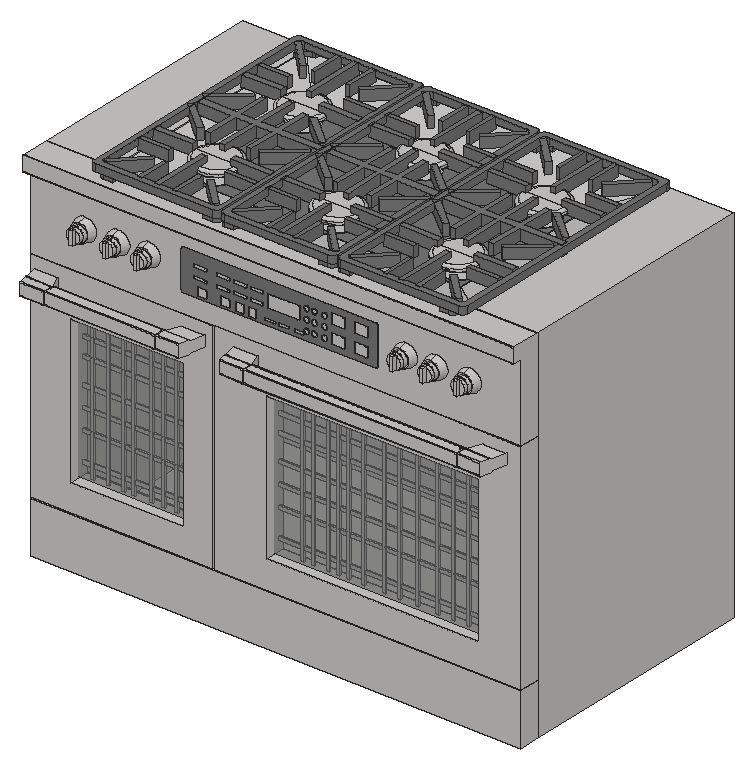
Revit family "HDPR48_Revit", category Specialty Equipment, Revit 2014
Parameters (values of type "HDPR48")
  Width = 48"
  VOLTS (V) = "240 V"
  Unit = Stainless Steel
  TYPE OF GRATE = "CONTINUOUS CAST IRON"
  TOTAL NUMBER OF COOKTOP BURNERS = "6 DUAL STACK BRASS BURNERS"
  TIME OF DAY (12 HR/24 HR) = "YES"
  TEMPERATURE PROBE = "YES (LG OVEN)"
  TEMPERATURE (F/C) = "YES"
  Support = Glass
  SOUND ON/OFF = "YES"
  SEALED BURNERS = "YES"
  SABBATH = "YES (BOTH)"
  RIGHT REAR (BTU) = "15,000 STACK DUAL (SIMMER)"
  RIGHT FRONT (BTU) = "18,000 DUAL (SIMMER/SEAR)"
  RACK POSITIONS = "6 (LG) / 6 (SM)"
  PROOF = "YES (BOTH)"
  PERMA-FLAME™ (AUTO RE-IGNITION) = "YES"
  OVEN CAPACITY (CUBIC FEET) = "5.2 (LG OVEN) / 2.8 (SM OVEN)"
  NUMBER OF KNOBS = "6 KNOBS"
  Model = "HDPR48"
  Manufacturer = "Dacor"
  LIGHTING = "LED & HALOGEN"
  LEFT REAR (BTU) = "15,000 STACK DUAL (SIMMER)"
  LEFT FRONT (BTU) = "18,000 STACK DUAL (SIMMER/SEAR)"
  LED (WHITE) = "YES"
  KITCHEN TIMER = "YES 1 PER OVEN"
  KEEP WARM = "YES (BOTH)"
  ILLUMINA™ BURNER KNOBS = "YES"
  Height = 37 1/2"
  Handle = Stainless Steel
  HIGHLIGHTING COLOR = "WHITE"
  Glide = Plastic-Black
  Gas Burner = Stainless Steel
  GAS TYPES = "NATURAL GAS NATURAL GAS (HIGH ALTITUDE) LIQUID PROPANE LIQUID PROPANE (HIGH ALTITUDE)"
  FREQUENCY (HZ) = "60 HZ"
  ENERGY SOURCE = "GAS AND ELECTRICAL"
  Door = Stainless Steel
  Description = "48-INCH PRO DUAL-FUEL RANGE HERIT AGE COLLECTION"
  Depth = 24"
  DELAY START = "YES"
  DEHYDRATE = "YES (BOTH)"
  COOKING MODES = "PURE CONVECTION™ CONVECTION BAKE CONVECTION BROIL CONVECTION ROAST BAKE BROIL"
  CONVECTION ELEMENT = "2,200W (LG) 2,200W (SM)"
  CONTROL METHOD = "LED GLASS TOUCH CONTROL"
  CLOCK = "YES"
  CLEANING TYPE = "SELF CLEAN GREENCLEAN™"
  CIRCUIT BREAKER (A) = "50 AMP"
  CHILD LOCK = "YES"
  CENTER REAR (BTU) = "15,000 STACK DUAL (SIMMER)"
  CENTER FRONT (BTU) = "15,000 STACK DUAL (SIMMER)"
  CAVITY = "BLACK ENAMEL COATING"
  Burner = Plastic-Black
  BROIL ELEMENT = "3,500W - 8 PASS (LG) 2,500W (SM)"
  BAKE ELEMENT = "3,000W - 8 PASS (LG) 2,100W (SM)"
  Adjustment = Stainless Steel
Reference planes (in)
  plane 1 "Center (Front/Back)": y = 0
  plane 2: z = 0
  plane 3 "Center (Left/Right)": x = 0
  plane 4: y = 12
  plane 5: y = -12
  plane 6: x = -24
  plane 7: x = 24
  plane 8: z = 37.5
  plane 9: y = -14
  plane 10: z = 2
  plane 11: y = -14.875
  plane 12: y = -16.5
  plane 13: z = 38.5625
  plane 14: z = 36
Forms (in)
  Extrusion 1, solid, material "Stainless Steel" <- "Unit"
    sketch origin (0, 0, 0) x (1, 0, 0) y (0, 0, 1)
      loop
        line (-24, 37.5) -> (-24, 2) -> (24, 2) -> (24, 37.5) -> (23.66902, 37.5) -> (23.66902, 2.38848) -> (-23.45598, 2.38848) -> (-23.45598, 37.5) -> (-24, 37.5)
    from -12 to 12
  Extrusion 2, solid, material "Stainless Steel" <- "Door"
    sketch origin (0, 0, 0) x (0, 1, 0) y (0, 0, 1)
      loop
        line (-12, 37.5) -> (-14.84447, 37.5)
        arc (-14.84447, 37.5) -> (-14.86606, 37.49106) -> (-14.875, 37.46947) r 0.03053
        line (-14.875, 37.46947) -> (-14.875, 36.03125)
        arc (-14.875, 36.03125) -> (-14.86585, 36.00915) -> (-14.84375, 36) r 0.03125
        line (-14.84375, 36) -> (-14.03125, 36)
        arc (-14.03125, 36) -> (-14.00915, 35.99085) -> (-14, 35.96875) r 0.03125
        line (-14, 35.96875) -> (-14, 28.5) -> (-12, 28.5) -> (-12, 37.5)
      loop
        line (-14, 1.96852) -> (-12, 1.96852) -> (-12, 6.96852) -> (-14, 6.96852) -> (-14, 1.96852)
    from -24 to 24
  Extrusion 3, solid, material "Glass" <- "Support"
    sketch origin (0, -14, 0) x (1, 0, 0) y (0, 0, 1)
      loop
        line (-20.04254, 24.12749) -> (-20.04254, 9.87749) -> (-8.99618, 9.87749) -> (-8.99618, 24.12749) -> (-20.04254, 24.12749)
      loop
        line (19.83246, 24.12749) -> (-0.88482, 24.12749) -> (-0.88482, 9.87749) -> (19.83246, 9.87749) -> (19.83246, 24.12749)
    from -2 to -0.8824
  Revolve 4, solid, material "Plastic-Black" <- "Glide"
    sketch origin (21.125, 0, 0) x (0, 1, 0) y (0, 0, 1)
      loop
        line (-10.25, 2) -> (-10.25, 0.75) -> (-10.14613, 0.64613) -> (-10.14613, 0.08461) -> (-10.09729, 0) -> (-9.53479, 0) -> (-9.53479, 2) -> (-10.25, 2)
      axis (-9.53479, 0) -> (-9.53479, 2)
    angle from 0 to 360
  Revolve 5, solid, material "Plastic-Black" <- "Glide"
    sketch origin (-1.87507, 0.00446, 0.02133) x (0, 1, 0) y (0, 0, -1)
      loop
        line (-10.25, -2) -> (-9.53479, -2) -> (-9.53479, 0) -> (-10.09729, 0) -> (-10.14613, -0.08461) -> (-10.14613, -0.64613) -> (-10.25, -0.75) -> (-10.25, -2)
      axis (-9.53479, 0) -> (-9.53479, -2)
    angle from 0 to 360
  Revolve 6, solid, material "Plastic-Black" <- "Glide"
    sketch origin (21.125, 0, 0) x (0, -1, 0) y (0, 0, -1)
      loop
        line (-10.25, -2) -> (-9.53479, -2) -> (-9.53479, 0) -> (-10.09729, 0) -> (-10.14613, -0.08461) -> (-10.14613, -0.64613) -> (-10.25, -0.75) -> (-10.25, -2)
      axis (-9.53479, 0) -> (-9.53479, -2)
    angle from 0 to 360
  Revolve 7, solid, material "Plastic-Black" <- "Glide"
    sketch origin (-1.87507, 0.00446, 0.02133) x (0, -1, 0) y (0, 0, 1)
      loop
        line (-10.25, 2) -> (-10.25, 0.75) -> (-10.14613, 0.64613) -> (-10.14613, 0.08461) -> (-10.09729, 0) -> (-9.53479, 0) -> (-9.53479, 2) -> (-10.25, 2)
      axis (-9.53479, 0) -> (-9.53479, 2)
    angle from 0 to 360
  Revolve 8, solid, material "Stainless Steel" <- "Adjustment"
    sketch origin (15.75, 0, -0.625) x (0, 1, 0) y (0, 0, 1)
      loop
        line (-14, 34.20096) -> (-14.75, 34) -> (-14.75, 33.86263) -> (-15.13851, 33.86263) -> (-15.13851, 33.79538) -> (-15.47236, 33.79538) -> (-15.47236, 33.12798) -> (-14, 33.12798) -> (-14, 34.20096)
      axis (-15.47236, 33.12798) -> (-14, 33.12798)
    angle from 0 to 360
  Extrusion 9, solid, material "Stainless Steel" <- "Adjustment"
    sketch origin (-2.25, 0, -0.625) x (1, 0, 0) y (0, 0, 1)
      loop
        line (14.85979, 33.78048) -> (14.85979, 32.48023) -> (15.16074, 32.48023) -> (15.16074, 33.78048) -> (14.85979, 33.78048)
    from 15.76036 to 15.47236
  Revolve 10, solid, material "Stainless Steel" <- "Adjustment"
    sketch origin (12.75, 0, -0.625) x (0, 1, 0) y (0, 0, 1)
      loop
        line (-14, 34.20096) -> (-14.75, 34) -> (-14.75, 33.86263) -> (-15.13851, 33.86263) -> (-15.13851, 33.79538) -> (-15.47236, 33.79538) -> (-15.47236, 33.12798) -> (-14, 33.12798) -> (-14, 34.20096)
      axis (-15.47236, 33.12798) -> (-14, 33.12798)
    angle from 0 to 360
  Extrusion 11, solid, material "Stainless Steel" <- "Adjustment"
    sketch origin (-5.375, 0, -0.625) x (1, 0, 0) y (0, 0, 1)
      loop
        line (20.92229, 33.78048) -> (20.92229, 32.48023) -> (21.22324, 32.48023) -> (21.22324, 33.78048) -> (20.92229, 33.78048)
    from 15.76036 to 15.47236
  Revolve 12, solid, material "Stainless Steel" <- "Adjustment"
    sketch origin (-15.375, 0, -0.625) x (0, 1, 0) y (0, 0, -1)
      loop
        line (-14, -34.20096) -> (-14, -33.12798) -> (-15.47236, -33.12798) -> (-15.47236, -33.79538) -> (-15.13851, -33.79538) -> (-15.13851, -33.86263) -> (-14.75, -33.86263) -> (-14.75, -34) -> (-14, -34.20096)
      axis (-15.47236, -33.12798) -> (-14, -33.12798)
    angle from 0 to 360
  Extrusion 13, solid, material "Stainless Steel" <- "Adjustment"
    sketch origin (2.65625, 0, -0.625) x (-1, 0, 0) y (0, 0, -1)
      loop
        line (14.85979, -33.78048) -> (15.16074, -33.78048) -> (15.16074, -32.48023) -> (14.85979, -32.48023) -> (14.85979, -33.78048)
    from 15.76036 to 15.47236
  Revolve 14, solid, material "Stainless Steel" <- "Adjustment"
    sketch origin (-12.375, 0, -0.625) x (0, 1, 0) y (0, 0, -1)
      loop
        line (-14, -34.20096) -> (-14, -33.12798) -> (-15.47236, -33.12798) -> (-15.47236, -33.79538) -> (-15.13851, -33.79538) -> (-15.13851, -33.86263) -> (-14.75, -33.86263) -> (-14.75, -34) -> (-14, -34.20096)
      axis (-15.47236, -33.12798) -> (-14, -33.12798)
    angle from 0 to 360
  Extrusion 15, solid, material "Stainless Steel" <- "Adjustment"
    sketch origin (5.6875, 0, -0.625) x (-1, 0, 0) y (0, 0, -1)
      loop
        line (20.92229, -33.78048) -> (21.22324, -33.78048) -> (21.22324, -32.48023) -> (20.92229, -32.48023) -> (20.92229, -33.78048)
    from 15.76036 to 15.47236
  Extrusion 16, solid, material "Plastic-Black" <- "Glide"
    sketch origin (0, 0, 0) x (1, 0, 0) y (0, 0, 1)
      loop
        arc (-8.9676, 34.31656) -> (-9.14437, 34.24334) -> (-9.2176, 34.06656) r 0.25
        line (-9.2176, 34.06656) -> (-9.2176, 30.56656)
        arc (-9.2176, 30.56656) -> (-9.14437, 30.38979) -> (-8.9676, 30.31656) r 0.25
        line (-8.9676, 30.31656) -> (9.7824, 30.31656)
        arc (9.7824, 30.31656) -> (9.95918, 30.38979) -> (10.0324, 30.56656) r 0.25
        line (10.0324, 30.56656) -> (10.0324, 34.06656)
        arc (10.0324, 34.06656) -> (9.95918, 34.24334) -> (9.7824, 34.31656) r 0.25
        line (9.7824, 34.31656) -> (-8.9676, 34.31656)
      loop
        line (-5.76654, 33.17635) -> (-5.76654, 32.92635) -> (-4.51654, 32.92635) -> (-4.51654, 33.17635) -> (-5.76654, 33.17635)
      loop
        line (-4.10402, 33.17635) -> (-4.10402, 32.92635) -> (-2.81094, 32.92635) -> (-2.81094, 33.17635) -> (-4.10402, 33.17635)
      loop
        line (-2.44427, 33.17635) -> (-2.44427, 32.92635) -> (-1.21277, 32.92635) -> (-1.21277, 33.17635) -> (-2.44427, 33.17635)
      loop
        line (-5.76654, 32.17635) -> (-5.76654, 31.92635) -> (-4.51654, 31.92635) -> (-4.51654, 32.17635) -> (-5.76654, 32.17635)
      loop
        line (-4.10402, 32.17635) -> (-4.10402, 31.92635) -> (-2.81094, 31.92635) -> (-2.81094, 32.17635) -> (-4.10402, 32.17635)
      loop
        line (-2.44427, 32.17635) -> (-2.44427, 31.92635) -> (-1.21277, 31.92635) -> (-1.21277, 32.17635) -> (-2.44427, 32.17635)
      loop
        line (-5.36631, 31.29832) -> (-5.36631, 30.55942) -> (-4.51654, 30.55942) -> (-4.51654, 31.29832) -> (-5.36631, 31.29832)
      loop
        line (-3.86604, 31.29832) -> (-3.86604, 30.55942) -> (-3.09635, 30.55942) -> (-3.09635, 31.29832) -> (-3.86604, 31.29832)
      loop
        line (-2.60375, 31.29832) -> (-2.60375, 30.55942) -> (-1.89564, 30.55942) -> (-1.89564, 31.29832) -> (-2.60375, 31.29832)
      loop
        line (-1.02527, 30.92348) -> (-1.02527, 30.73608) -> (0, 30.73608) -> (0, 30.92348) -> (-1.02527, 30.92348)
      loop
        line (0.32502, 30.92348) -> (0.32502, 30.73608) -> (1.31557, 30.73608) -> (1.31557, 30.92348) -> (0.32502, 30.92348)
      loop
        line (1.85101, 30.92348) -> (1.85101, 30.73608) -> (2.73448, 30.73608) -> (2.73448, 30.92348) -> (1.85101, 30.92348)
      loop
        circle (3.05574, 33.17635) r 0.25
      loop
        circle (3.05574, 32.17635) r 0.25
      loop
        circle (3.05574, 31.17348) r 0.25
      loop
        circle (3.80574, 33.17635) r 0.25
      loop
        circle (3.80574, 32.17635) r 0.25
      loop
        circle (3.80574, 31.17348) r 0.25
      loop
        circle (4.80574, 33.17635) r 0.25
      loop
        circle (4.80574, 32.17635) r 0.25
      loop
        circle (4.80574, 31.17348) r 0.25
      loop
        line (5.51874, 33.6542) -> (5.51874, 32.6542) -> (6.76874, 32.6542) -> (6.76874, 33.6542) -> (5.51874, 33.6542)
      loop
        line (5.51874, 31.92635) -> (5.51874, 30.92348) -> (6.76874, 30.92348) -> (6.76874, 31.92635) -> (5.51874, 31.92635)
      loop
        line (-0.70418, 33.17635) -> (-0.70418, 31.92635) -> (2.37419, 31.92635) -> (2.37419, 33.17635) -> (-0.70418, 33.17635)
      loop
        line (-8.01654, 33.17635) -> (-8.01654, 32.92635) -> (-6.76654, 32.92635) -> (-6.76654, 33.17635) -> (-8.01654, 33.17635)
      loop
        line (-8.01654, 32.17635) -> (-8.01654, 31.92635) -> (-6.76654, 31.92635) -> (-6.76654, 32.17635) -> (-8.01654, 32.17635)
      loop
        line (-7.61631, 31.29832) -> (-7.61631, 30.55942) -> (-6.76654, 30.55942) -> (-6.76654, 31.29832) -> (-7.61631, 31.29832)
      loop
        line (7.76874, 33.6542) -> (7.76874, 32.6542) -> (9.01874, 32.6542) -> (9.01874, 33.6542) -> (7.76874, 33.6542)
      loop
        line (7.76874, 31.92635) -> (7.76874, 30.92348) -> (9.01874, 30.92348) -> (9.01874, 31.92635) -> (7.76874, 31.92635)
    from 14.02195 to 14
  Extrusion 17, solid, material "Stainless Steel" <- "Unit"
    sketch origin (0, -14, 0) x (-1, 0, 0) y (0, 0, 1)
      loop
        line (5.76654, 33.17635) -> (4.51654, 33.17635) -> (4.51654, 32.92635) -> (5.76654, 32.92635) -> (5.76654, 33.17635)
      loop
        line (4.10402, 33.17635) -> (2.81094, 33.17635) -> (2.81094, 32.92635) -> (4.10402, 32.92635) -> (4.10402, 33.17635)
      loop
        line (2.44427, 33.17635) -> (1.21277, 33.17635) -> (1.21277, 32.92635) -> (2.44427, 32.92635) -> (2.44427, 33.17635)
      loop
        line (5.76654, 32.17635) -> (4.51654, 32.17635) -> (4.51654, 31.92635) -> (5.76654, 31.92635) -> (5.76654, 32.17635)
      loop
        line (4.10402, 32.17635) -> (2.81094, 32.17635) -> (2.81094, 31.92635) -> (4.10402, 31.92635) -> (4.10402, 32.17635)
      loop
        line (2.44427, 32.17635) -> (1.21277, 32.17635) -> (1.21277, 31.92635) -> (2.44427, 31.92635) -> (2.44427, 32.17635)
      loop
        line (0.70418, 33.17635) -> (-2.37419, 33.17635) -> (-2.37419, 31.92635) -> (0.70418, 31.92635) -> (0.70418, 33.17635)
      loop
        line (5.36631, 31.29832) -> (4.51654, 31.29832) -> (4.51654, 30.55942) -> (5.36631, 30.55942) -> (5.36631, 31.29832)
      loop
        line (3.09635, 31.29832) -> (3.09635, 30.55942) -> (3.86604, 30.55942) -> (3.86604, 31.29832) -> (3.09635, 31.29832)
      loop
        line (2.60375, 31.29832) -> (1.89564, 31.29832) -> (1.89564, 30.55942) -> (2.60375, 30.55942) -> (2.60375, 31.29832)
      loop
        line (1.02527, 30.92348) -> (0, 30.92348) -> (0, 30.73608) -> (1.02527, 30.73608) -> (1.02527, 30.92348)
      loop
        line (-0.32502, 30.92348) -> (-1.31557, 30.92348) -> (-1.31557, 30.73608) -> (-0.32502, 30.73608) -> (-0.32502, 30.92348)
      loop
        line (-1.85101, 30.92348) -> (-2.73448, 30.92348) -> (-2.73448, 30.73608) -> (-1.85101, 30.73608) -> (-1.85101, 30.92348)
      loop
        circle (-3.05574, 31.17348) r 0.25
      loop
        circle (-3.05574, 32.17635) r 0.25
      loop
        circle (-3.05574, 33.17635) r 0.25
      loop
        circle (-3.80574, 33.17635) r 0.25
      loop
        circle (-4.80574, 33.17635) r 0.25
      loop
        circle (-3.80574, 32.17635) r 0.25
      loop
        circle (-4.80574, 32.17635) r 0.25
      loop
        circle (-3.80574, 31.17348) r 0.25
      loop
        circle (-4.80574, 31.17348) r 0.25
      loop
        line (-5.51874, 33.6542) -> (-6.76874, 33.6542) -> (-6.76874, 32.6542) -> (-5.51874, 32.6542) -> (-5.51874, 33.6542)
      loop
        line (-5.51874, 31.92635) -> (-6.76874, 31.92635) -> (-6.76874, 30.92348) -> (-5.51874, 30.92348) -> (-5.51874, 31.92635)
      loop
        line (8.01654, 33.17635) -> (6.76654, 33.17635) -> (6.76654, 32.92635) -> (8.01654, 32.92635) -> (8.01654, 33.17635)
      loop
        line (8.01654, 32.17635) -> (6.76654, 32.17635) -> (6.76654, 31.92635) -> (8.01654, 31.92635) -> (8.01654, 32.17635)
      loop
        line (7.61631, 31.29832) -> (6.76654, 31.29832) -> (6.76654, 30.55942) -> (7.61631, 30.55942) -> (7.61631, 31.29832)
      loop
        line (-7.76874, 33.6542) -> (-9.01874, 33.6542) -> (-9.01874, 32.6542) -> (-7.76874, 32.6542) -> (-7.76874, 33.6542)
      loop
        line (-7.76874, 31.92635) -> (-9.01874, 31.92635) -> (-9.01874, 30.92348) -> (-7.76874, 30.92348) -> (-7.76874, 31.92635)
    from 0 to -0.02195
  Extrusion 18, solid, material "Stainless Steel" <- "Unit"
    sketch origin (0, 12, 0) x (-1, 0, 0) y (0, 0, 1)
      loop
        line (23.45598, 2.38848) -> (23.45598, 37.5) -> (-23.66902, 37.5) -> (-23.66902, 2.38848) -> (23.45598, 2.38848)
    from 0 to -0.60405
  Extrusion 19, solid, material "Stainless Steel" <- "Adjustment"
    sketch origin (0, 1.40244, -0.08716) x (1, 0, 0) y (0, 0, 1)
      loop
        line (-19.17988, 24.12749) -> (-19.17988, 9.87749) -> (-18.88693, 9.87749) -> (-18.88693, 24.12749) -> (-19.17988, 24.12749)
      loop
        line (-17.67988, 24.12749) -> (-17.67988, 9.87749) -> (-17.38693, 9.87749) -> (-17.38693, 24.12749) -> (-17.67988, 24.12749)
      loop
        line (-16.17988, 24.12749) -> (-16.17988, 9.87749) -> (-15.88693, 9.87749) -> (-15.88693, 24.12749) -> (-16.17988, 24.12749)
      loop
        line (-15.19507, 24.12749) -> (-15.19507, 9.87749) -> (-14.90212, 9.87749) -> (-14.90212, 24.12749) -> (-15.19507, 24.12749)
      loop
        line (-13.44507, 24.12749) -> (-13.44507, 9.87749) -> (-13.15212, 9.87749) -> (-13.15212, 24.12749) -> (-13.44507, 24.12749)
      loop
        line (-12.22063, 24.12749) -> (-12.22063, 9.87749) -> (-11.92768, 9.87749) -> (-11.92768, 24.12749) -> (-12.22063, 24.12749)
      loop
        line (-10.99618, 24.12749) -> (-10.99618, 9.87749) -> (-10.70323, 9.87749) -> (-10.70323, 24.12749) -> (-10.99618, 24.12749)
      loop
        line (-8.99618, 24.12749) -> (-8.99618, 9.87749) -> (-8.70323, 9.87749) -> (-8.70323, 24.12749) -> (-8.99618, 24.12749)
      loop
        line (12.86738, 24.12749) -> (12.57443, 24.12749) -> (12.57443, 9.87749) -> (12.86738, 9.87749) -> (12.86738, 24.12749)
      loop
        line (7.61738, 24.12749) -> (7.32443, 24.12749) -> (7.32443, 9.87749) -> (7.61738, 9.87749) -> (7.61738, 24.12749)
      loop
        line (6.11738, 24.12749) -> (5.82443, 24.12749) -> (5.82443, 9.87749) -> (6.11738, 9.87749) -> (6.11738, 24.12749)
      loop
        line (5.13257, 24.12749) -> (4.83962, 24.12749) -> (4.83962, 9.87749) -> (5.13257, 9.87749) -> (5.13257, 24.12749)
      loop
        line (4.13257, 24.12749) -> (3.83962, 24.12749) -> (3.83962, 9.87749) -> (4.13257, 9.87749) -> (4.13257, 24.12749)
      loop
        line (2.65813, 24.12749) -> (2.36518, 24.12749) -> (2.36518, 9.87749) -> (2.65813, 9.87749) -> (2.65813, 24.12749)
      loop
        line (1.65813, 24.12749) -> (1.36518, 24.12749) -> (1.36518, 9.87749) -> (1.65813, 9.87749) -> (1.65813, 24.12749)
      loop
        line (-7.37882, 24.12749) -> (-7.67177, 24.12749) -> (-7.67177, 9.87749) -> (-7.37882, 9.87749) -> (-7.37882, 24.12749)
      loop
        line (17.86738, 24.12749) -> (17.57443, 24.12749) -> (17.57443, 9.87749) -> (17.86738, 9.87749) -> (17.86738, 24.12749)
      loop
        line (16.36738, 24.12749) -> (16.07443, 24.12749) -> (16.07443, 9.87749) -> (16.36738, 9.87749) -> (16.36738, 24.12749)
      loop
        line (14.86738, 24.12749) -> (14.57443, 24.12749) -> (14.57443, 9.87749) -> (14.86738, 9.87749) -> (14.86738, 24.12749)
      loop
        line (11.10406, 24.07244) -> (10.81111, 24.07244) -> (10.81111, 9.82244) -> (11.10406, 9.82244) -> (11.10406, 24.07244)
      loop
        line (9.60406, 24.07244) -> (9.31111, 24.07244) -> (9.31111, 9.82244) -> (9.60406, 9.82244) -> (9.60406, 24.07244)
    from 13.89891 to 14
  Extrusion 20, solid, material "Stainless Steel" <- "Adjustment"
    sketch origin (0, 1.40244, -0.08716) x (1, 0, 0) y (0, 0, 1)
      loop
        line (-20.04254, 22.31591) -> (-20.04254, 21.9338) -> (-8.91754, 21.9338) -> (-8.91754, 22.31591) -> (-20.04254, 22.31591)
      loop
        line (19.83246, 21.9338) -> (19.83246, 22.31591) -> (-0.91754, 22.31591) -> (-0.91754, 21.9338) -> (19.83246, 21.9338)
      loop
        line (-20.04254, 20.56591) -> (-20.04254, 20.1838) -> (-8.91754, 20.1838) -> (-8.91754, 20.56591) -> (-20.04254, 20.56591)
      loop
        line (19.83246, 20.1838) -> (19.83246, 20.56591) -> (-0.91754, 20.56591) -> (-0.91754, 20.1838) -> (19.83246, 20.1838)
      loop
        line (-20.04254, 18.06591) -> (-20.04254, 17.6838) -> (-8.91754, 17.6838) -> (-8.91754, 18.06591) -> (-20.04254, 18.06591)
      loop
        line (19.83246, 17.6838) -> (19.83246, 18.06591) -> (-0.91754, 18.06591) -> (-0.91754, 17.6838) -> (19.83246, 17.6838)
      loop
        line (-20.04254, 16.06591) -> (-20.04254, 15.6838) -> (-8.91754, 15.6838) -> (-8.91754, 16.06591) -> (-20.04254, 16.06591)
      loop
        line (19.83246, 15.6838) -> (19.83246, 16.06591) -> (-0.91754, 16.06591) -> (-0.91754, 15.6838) -> (19.83246, 15.6838)
      loop
        line (-20.04254, 14.06591) -> (-20.04254, 13.6838) -> (-8.91754, 13.6838) -> (-8.91754, 14.06591) -> (-20.04254, 14.06591)
      loop
        line (19.83246, 13.6838) -> (19.83246, 14.06591) -> (-0.91754, 14.06591) -> (-0.91754, 13.6838) -> (19.83246, 13.6838)
      loop
        line (-20.04254, 11.31591) -> (-20.04254, 10.9338) -> (-8.91754, 10.9338) -> (-8.91754, 11.31591) -> (-20.04254, 11.31591)
      loop
        line (19.83246, 10.9338) -> (19.83246, 11.31591) -> (-0.91754, 11.31591) -> (-0.91754, 10.9338) -> (19.83246, 10.9338)
    from 13.89891 to 14
  Revolve 21, solid, material "Stainless Steel" <- "Adjustment"
    sketch origin (19, 0, -0.625) x (0, 1, 0) y (0, 0, 1)
      loop
        line (-14, 34.20096) -> (-14.75, 34) -> (-14.75, 33.86263) -> (-15.13851, 33.86263) -> (-15.13851, 33.79538) -> (-15.47236, 33.79538) -> (-15.47236, 33.12798) -> (-14, 33.12798) -> (-14, 34.20096)
      axis (-15.47236, 33.12798) -> (-14, 33.12798)
    angle from 0 to 360
  Extrusion 22, solid, material "Stainless Steel" <- "Adjustment"
    sketch origin (-2.125, 0, -0.625) x (1, 0, 0) y (0, 0, 1)
      loop
        line (20.92229, 33.78048) -> (20.92229, 32.48023) -> (21.22324, 32.48023) -> (21.22324, 33.78048) -> (20.92229, 33.78048)
    from 15.76036 to 15.47236
  Revolve 23, solid, material "Stainless Steel" <- "Adjustment"
    sketch origin (-18.625, 0, -0.625) x (0, 1, 0) y (0, 0, -1)
      loop
        line (-14, -34.20096) -> (-14, -33.12798) -> (-15.47236, -33.12798) -> (-15.47236, -33.79538) -> (-15.13851, -33.79538) -> (-15.13851, -33.86263) -> (-14.75, -33.86263) -> (-14.75, -34) -> (-14, -34.20096)
      axis (-15.47236, -33.12798) -> (-14, -33.12798)
    angle from 0 to 360
  Extrusion 24, solid, material "Stainless Steel" <- "Adjustment"
    sketch origin (2.4375, 0, -0.625) x (-1, 0, 0) y (0, 0, -1)
      loop
        line (20.92229, -33.78048) -> (21.22324, -33.78048) -> (21.22324, -32.48023) -> (20.92229, -32.48023) -> (20.92229, -33.78048)
    from 15.76036 to 15.47236
  Blend 25, solid, material "Stainless Steel" <- "Unit"
    base sketch origin (-17.9375, 0, 37.5) x (1, 0, 0) y (0, 1, 0)
      loop
        line (0.54402, -12) -> (35.54402, -12) -> (35.54402, 11.39595) -> (0.54402, 11.39595) -> (0.54402, -12)
    top sketch origin (-17.9375, 0, 37.5) x (1, 0, 0) y (0, 1, 0)
      loop
        line (3.59462, 7.80878) -> (3.59462, -9.19122) -> (32.09462, -9.19122) -> (32.09462, 7.80878) -> (3.59462, 7.80878)
    from 0 to -1.15037
  Blend 26, void
    base sketch origin (-14.9375, 0, 0) x (1, 0, 0) y (0, 1, 0)
      loop
        line (-2.45598, -12) -> (32.54402, -12) -> (32.54402, 11.39595) -> (-2.45598, 11.39595) -> (-2.45598, -12)
    top sketch origin (-14.9375, 0, 0) x (1, 0, 0) y (0, 1, 0)
      loop
        line (1.59462, 7.06965) -> (1.59462, -8.45209) -> (28.59462, -8.45209) -> (28.59462, 7.06965) -> (1.59462, 7.06965)
    from 37.5 to 36.34963
  Extrusion 27, solid, material "Plastic-Black" <- "Burner"
    sketch origin (-17.9375, 0, 36.34963) x (0, 1, 0) y (1, 0, 0)
      loop
        line (7.06965, 31.59462) -> (-8.45209, 31.59462) -> (-8.45209, 4.59462) -> (7.06965, 4.59462) -> (7.06965, 31.59462)
    from 0 to 0.58019
  Revolve 28, solid, material "Stainless Steel" <- "Gas Burner"
    sketch origin (-2.375, -6.625, 0) x (1, 0, 0) y (0, 0, 1)
      loop
        line (-9.25, 35.76944) -> (-9.25, 38.03125) -> (-11.25, 38.03125)
        arc (-11.25, 38.03125) -> (-11.42678, 37.95803) -> (-11.5, 37.78125) r 0.25
        line (-11.5, 37.78125) -> (-11.5, 37.53125) -> (-11.37023, 37.40148)
        arc (-11.37023, 37.40148) -> (-11.35076, 37.35447) -> (-11.37023, 37.30747) r 0.06647
        line (-11.37023, 37.30747) -> (-11.5, 37.1777) -> (-11.5, 36.94183)
        arc (-11.5, 36.94183) -> (-11.44834, 36.78964) -> (-11.3147, 36.70035) r 0.25
        line (-11.3147, 36.70035) -> (-10.77556, 36.55589) -> (-10.3215, 35.76944) -> (-9.25, 35.76944)
      axis (-9.25, 35.76944) -> (-9.25, 38.03125)
    angle from 0 to 360
  Extrusion 29, solid, material "Plastic-Black" <- "Burner"
    sketch origin (0, 0, 0) x (1, 0, 0) y (0, 1, 0)
      loop
        arc (-17.64348, 11.39595) -> (-17.99703, 11.2495) -> (-18.14348, 10.89595) r 0.5
        line (-18.14348, 10.89595) -> (-18.14348, -13.5)
        arc (-18.14348, -13.5) -> (-17.99703, -13.85355) -> (-17.64348, -14) r 0.5
        line (-17.64348, -14) -> (-6.1875, -14)
        arc (-6.1875, -14) -> (-5.83395, -13.85355) -> (-5.6875, -13.5) r 0.5
        line (-5.6875, -13.5) -> (-5.6875, 10.89595)
        arc (-5.6875, 10.89595) -> (-5.83395, 11.2495) -> (-6.1875, 11.39595) r 0.5
        line (-6.1875, 11.39595) -> (-17.64348, 11.39595)
      loop
        arc (-17.12384, 10.84094) -> (-17.47739, 10.69449) -> (-17.62384, 10.34094) r 0.5
        line (-17.62384, 10.34094) -> (-17.62384, -12.90906)
        arc (-17.62384, -12.90906) -> (-17.47739, -13.26262) -> (-17.12384, -13.40906) r 0.5
        line (-17.12384, -13.40906) -> (-6.68634, -13.40906)
        arc (-6.68634, -13.40906) -> (-6.33278, -13.26262) -> (-6.18634, -12.90906) r 0.5
        line (-6.18634, -12.90906) -> (-6.18634, 10.34094)
        arc (-6.18634, 10.34094) -> (-6.33278, 10.69449) -> (-6.68634, 10.84094) r 0.5
        line (-6.68634, 10.84094) -> (-17.12384, 10.84094)
      loop
        line (17.89348, 11.39595) -> (6.375, 11.39595)
        arc (6.375, 11.39595) -> (6.02145, 11.2495) -> (5.875, 10.89595) r 0.5
        line (5.875, 10.89595) -> (5.875, -13.5)
        arc (5.875, -13.5) -> (6.02145, -13.85355) -> (6.375, -14) r 0.5
        line (6.375, -14) -> (17.89348, -14)
        arc (17.89348, -14) -> (18.24703, -13.85355) -> (18.39348, -13.5) r 0.5
        line (18.39348, -13.5) -> (18.39348, 10.89595)
        arc (18.39348, 10.89595) -> (18.24703, 11.2495) -> (17.89348, 11.39595) r 0.5
      loop
        line (17.37384, 10.84094) -> (6.87384, 10.84094)
        arc (6.87384, 10.84094) -> (6.52028, 10.69449) -> (6.37384, 10.34094) r 0.5
        line (6.37384, 10.34094) -> (6.37384, -12.90906)
        arc (6.37384, -12.90906) -> (6.52028, -13.26262) -> (6.87384, -13.40906) r 0.5
        line (6.87384, -13.40906) -> (17.37384, -13.40906)
        arc (17.37384, -13.40906) -> (17.72739, -13.26262) -> (17.87384, -12.90906) r 0.5
        line (17.87384, -12.90906) -> (17.87384, 10.34094)
        arc (17.87384, 10.34094) -> (17.72739, 10.69449) -> (17.37384, 10.84094) r 0.5
      loop
        line (5.14348, 11.39595) -> (-5, 11.39595)
        arc (-5, 11.39595) -> (-5.35355, 11.2495) -> (-5.5, 10.89595) r 0.5
        line (-5.5, 10.89595) -> (-5.5, -13.5)
        arc (-5.5, -13.5) -> (-5.35355, -13.85355) -> (-5, -14) r 0.5
        line (-5, -14) -> (5.14348, -14)
        arc (5.14348, -14) -> (5.49703, -13.85355) -> (5.64348, -13.5) r 0.5
        line (5.64348, -13.5) -> (5.64348, 10.89595)
        arc (5.64348, 10.89595) -> (5.49703, 11.2495) -> (5.14348, 11.39595) r 0.5
      loop
        line (4.62384, 10.84094) -> (-4.50116, 10.84094)
        arc (-4.50116, 10.84094) -> (-4.85472, 10.69449) -> (-5.00116, 10.34094) r 0.5
        line (-5.00116, 10.34094) -> (-5.00116, -12.90906)
        arc (-5.00116, -12.90906) -> (-4.85472, -13.26262) -> (-4.50116, -13.40906) r 0.5
        line (-4.50116, -13.40906) -> (4.62384, -13.40906)
        arc (4.62384, -13.40906) -> (4.97739, -13.26262) -> (5.12384, -12.90906) r 0.5
        line (5.12384, -12.90906) -> (5.12384, 10.34094)
        arc (5.12384, 10.34094) -> (4.97739, 10.69449) -> (4.62384, 10.84094) r 0.5
    from 38.5625 to 37.89555
  Revolve 30, solid, material "Stainless Steel" <- "Gas Burner"
    sketch origin (-2.375, 3.875, 0) x (1, 0, 0) y (0, 0, -1)
      loop
        line (-9.25, -35.76944) -> (-10.3215, -35.76944) -> (-10.77556, -36.55589) -> (-11.3147, -36.70035)
        arc (-11.3147, -36.70035) -> (-11.44834, -36.78964) -> (-11.5, -36.94183) r 0.25
        line (-11.5, -36.94183) -> (-11.5, -37.1777) -> (-11.37023, -37.30747)
        arc (-11.37023, -37.30747) -> (-11.35076, -37.35447) -> (-11.37023, -37.40148) r 0.06647
        line (-11.37023, -37.40148) -> (-11.5, -37.53125) -> (-11.5, -37.78125)
        arc (-11.5, -37.78125) -> (-11.42678, -37.95803) -> (-11.25, -38.03125) r 0.25
        line (-11.25, -38.03125) -> (-9.25, -38.03125) -> (-9.25, -35.76944)
      axis (-9.25, -35.76944) -> (-9.25, -38.03125)
    angle from 0 to 360
  Revolve 31, solid, material "Stainless Steel" <- "Gas Burner"
    sketch origin (2.75, -6.625, 0) x (-1, 0, 0) y (0, 0, -1)
      loop
        line (-9.25, -35.76944) -> (-10.3215, -35.76944) -> (-10.77556, -36.55589) -> (-11.3147, -36.70035)
        arc (-11.3147, -36.70035) -> (-11.44834, -36.78964) -> (-11.5, -36.94183) r 0.25
        line (-11.5, -36.94183) -> (-11.5, -37.1777) -> (-11.37023, -37.30747)
        arc (-11.37023, -37.30747) -> (-11.35076, -37.35447) -> (-11.37023, -37.40148) r 0.06647
        line (-11.37023, -37.40148) -> (-11.5, -37.53125) -> (-11.5, -37.78125)
        arc (-11.5, -37.78125) -> (-11.42678, -37.95803) -> (-11.25, -38.03125) r 0.25
        line (-11.25, -38.03125) -> (-9.25, -38.03125) -> (-9.25, -35.76944)
      axis (-9.25, -35.76944) -> (-9.25, -38.03125)
    angle from 0 to 360
  Revolve 32, solid, material "Stainless Steel" <- "Gas Burner"
    sketch origin (2.75, 3.875, 0) x (-1, 0, 0) y (0, 0, 1)
      loop
        line (-9.25, 35.76944) -> (-9.25, 38.03125) -> (-11.25, 38.03125)
        arc (-11.25, 38.03125) -> (-11.42678, 37.95803) -> (-11.5, 37.78125) r 0.25
        line (-11.5, 37.78125) -> (-11.5, 37.53125) -> (-11.37023, 37.40148)
        arc (-11.37023, 37.40148) -> (-11.35076, 37.35447) -> (-11.37023, 37.30747) r 0.06647
        line (-11.37023, 37.30747) -> (-11.5, 37.1777) -> (-11.5, 36.94183)
        arc (-11.5, 36.94183) -> (-11.44834, 36.78964) -> (-11.3147, 36.70035) r 0.25
        line (-11.3147, 36.70035) -> (-10.77556, 36.55589) -> (-10.3215, 35.76944) -> (-9.25, 35.76944)
      axis (-9.25, 35.76944) -> (-9.25, 38.03125)
    angle from 0 to 360
  Extrusion 33, solid, material "Plastic-Black" <- "Burner"
    sketch origin (0, 0, 0) x (1, 0, 0) y (0, 1, 0)
      loop
        arc (-16.89348, 11.39595) -> (-17.24703, 11.2495) -> (-17.39348, 10.89595) r 0.5
        line (-17.39348, 10.89595) -> (-17.39348, 9.92792) -> (-16.87384, 9.92792) -> (-16.87384, 10.34094)
        arc (-16.87384, 10.34094) -> (-16.72739, 10.69449) -> (-16.37384, 10.84094) r 0.5
        line (-16.37384, 10.84094) -> (-15.98692, 10.84094) -> (-15.98692, 11.39595) -> (-16.89348, 11.39595)
      loop
        line (-16.89348, -13.95845) -> (-15.98692, -13.95845) -> (-15.98692, -13.40344) -> (-16.37384, -13.40344)
        arc (-16.37384, -13.40344) -> (-16.72739, -13.25699) -> (-16.87384, -12.90344) r 0.5
        line (-16.87384, -12.90344) -> (-16.87384, -12.49042) -> (-17.39348, -12.49042) -> (-17.39348, -13.45845)
        arc (-17.39348, -13.45845) -> (-17.24703, -13.812) -> (-16.89348, -13.95845) r 0.5
      loop
        line (-6.22919, 11.39595) -> (-7.13575, 11.39595) -> (-7.13575, 10.84094) -> (-6.74884, 10.84094)
        arc (-6.74884, 10.84094) -> (-6.39528, 10.69449) -> (-6.24884, 10.34094) r 0.5
        line (-6.24884, 10.34094) -> (-6.24884, 9.92792) -> (-5.72919, 9.92792) -> (-5.72919, 10.89595)
        arc (-5.72919, 10.89595) -> (-5.87564, 11.2495) -> (-6.22919, 11.39595) r 0.5
      loop
        arc (-6.22919, -13.95845) -> (-5.87564, -13.812) -> (-5.72919, -13.45845) r 0.5
        line (-5.72919, -13.45845) -> (-5.72919, -12.49042) -> (-6.24884, -12.49042) -> (-6.24884, -12.90344)
        arc (-6.24884, -12.90344) -> (-6.39528, -13.25699) -> (-6.74884, -13.40344) r 0.5
        line (-6.74884, -13.40344) -> (-7.13575, -13.40344) -> (-7.13575, -13.95845) -> (-6.22919, -13.95845)
      loop
        line (16.89348, 11.39595) -> (15.98692, 11.39595) -> (15.98692, 10.84094) -> (16.37384, 10.84094)
        arc (16.37384, 10.84094) -> (16.72739, 10.69449) -> (16.87384, 10.34094) r 0.5
        line (16.87384, 10.34094) -> (16.87384, 9.92792) -> (17.39348, 9.92792) -> (17.39348, 10.89595)
        arc (17.39348, 10.89595) -> (17.24703, 11.2495) -> (16.89348, 11.39595) r 0.5
      loop
        arc (16.89348, -13.95845) -> (17.24703, -13.812) -> (17.39348, -13.45845) r 0.5
        line (17.39348, -13.45845) -> (17.39348, -12.49042) -> (16.87384, -12.49042) -> (16.87384, -12.90344)
        arc (16.87384, -12.90344) -> (16.72739, -13.25699) -> (16.37384, -13.40344) r 0.5
        line (16.37384, -13.40344) -> (15.98692, -13.40344) -> (15.98692, -13.95845) -> (16.89348, -13.95845)
      loop
        arc (6.35419, 11.39595) -> (6.00064, 11.2495) -> (5.85419, 10.89595) r 0.5
        line (5.85419, 10.89595) -> (5.85419, 9.92792) -> (6.37384, 9.92792) -> (6.37384, 10.34094)
        arc (6.37384, 10.34094) -> (6.52028, 10.69449) -> (6.87384, 10.84094) r 0.5
        line (6.87384, 10.84094) -> (7.26075, 10.84094) -> (7.26075, 11.39595) -> (6.35419, 11.39595)
      loop
        line (6.35419, -13.95845) -> (7.26075, -13.95845) -> (7.26075, -13.40344) -> (6.87384, -13.40344)
        arc (6.87384, -13.40344) -> (6.52028, -13.25699) -> (6.37384, -12.90344) r 0.5
        line (6.37384, -12.90344) -> (6.37384, -12.49042) -> (5.85419, -12.49042) -> (5.85419, -13.45845)
        arc (5.85419, -13.45845) -> (6.00064, -13.812) -> (6.35419, -13.95845) r 0.5
      loop
        line (5.10179, 11.39595) -> (4.19523, 11.39595) -> (4.19523, 10.84094) -> (4.58214, 10.84094)
        arc (4.58214, 10.84094) -> (4.9357, 10.69449) -> (5.08214, 10.34094) r 0.5
        line (5.08214, 10.34094) -> (5.08214, 9.92792) -> (5.60179, 9.92792) -> (5.60179, 10.89595)
        arc (5.60179, 10.89595) -> (5.45534, 11.2495) -> (5.10179, 11.39595) r 0.5
      loop
        arc (5.10179, -13.95845) -> (5.45534, -13.812) -> (5.60179, -13.45845) r 0.5
        line (5.60179, -13.45845) -> (5.60179, -12.49042) -> (5.08214, -12.49042) -> (5.08214, -12.90344)
        arc (5.08214, -12.90344) -> (4.9357, -13.25699) -> (4.58214, -13.40344) r 0.5
        line (4.58214, -13.40344) -> (4.19523, -13.40344) -> (4.19523, -13.95845) -> (5.10179, -13.95845)
      loop
        arc (-5, 11.39595) -> (-5.35355, 11.2495) -> (-5.5, 10.89595) r 0.5
        line (-5.5, 10.89595) -> (-5.5, 9.92792) -> (-4.98036, 9.92792) -> (-4.98036, 10.34094)
        arc (-4.98036, 10.34094) -> (-4.83391, 10.69449) -> (-4.48036, 10.84094) r 0.5
        line (-4.48036, 10.84094) -> (-4.09344, 10.84094) -> (-4.09344, 11.39595) -> (-5, 11.39595)
      loop
        line (-5, -13.95845) -> (-4.09344, -13.95845) -> (-4.09344, -13.40344) -> (-4.48036, -13.40344)
        arc (-4.48036, -13.40344) -> (-4.83391, -13.25699) -> (-4.98036, -12.90344) r 0.5
        line (-4.98036, -12.90344) -> (-4.98036, -12.49042) -> (-5.5, -12.49042) -> (-5.5, -13.45845)
        arc (-5.5, -13.45845) -> (-5.35355, -13.812) -> (-5, -13.95845) r 0.5
    from 37.89555 to 37.5
  Extrusion 34, solid, material "Plastic-Black" <- "Burner"
    sketch origin (0, 0, 0) x (1, 0, 0) y (0, 1, 0)
      loop
        line (-17.62384, -1.63544) -> (-14.26313, -1.63544) -> (-14.26313, -4.74313) -> (-13.79549, -4.74313) -> (-13.79549, -1.63544) -> (-12.26313, -1.63544) -> (-12.26313, -5.49313) -> (-11.79549, -5.49313) -> (-11.79549, -1.63544) -> (-10.26313, -1.63544) -> (-10.26313, -4.74313) -> (-9.79549, -4.74313) -> (-9.79549, -1.63544) -> (-5.6875, -1.63544) -> (-5.6875, -0.93269) -> (-9.79549, -0.93269) -> (-9.79549, 2.175) -> (-10.26313, 2.175) -> (-10.26313, -0.93269) -> (-11.79549, -0.93269) -> (-11.79549, 2.925) -> (-12.26313, 2.925) -> (-12.26313, -0.93269) -> (-13.79549, -0.93269) -> (-13.79549, 2.175) -> (-14.26313, 2.175) -> (-14.26313, -0.88568) -> (-17.62384, -0.88568) -> (-17.62384, -1.63544)
      loop
        line (-13.88813, -13.44499) -> (-13.54549, -13.44499) -> (-13.54549, -10.2987) -> (-13.88813, -10.2987) -> (-13.88813, -13.44499)
      loop
        line (-12.26313, -13.44499) -> (-11.79549, -13.44499) -> (-11.79549, -7.675) -> (-12.26313, -7.675) -> (-12.26313, -13.44499)
      loop
        line (-17.28101, -13.22716) -> (-14.62936, -10.57551) -> (-14.97219, -10.23268) -> (-17.62384, -12.88433) -> (-17.28101, -13.22716)
      loop
        line (-17.62384, -6.96756) -> (-13.77721, -6.96756) -> (-13.77721, -6.38806) -> (-17.62384, -6.38806) -> (-17.62384, -6.96756)
      loop
        line (-17.62384, -8.77147) -> (-14.62384, -8.77147) -> (-14.62384, -8.33397) -> (-17.62384, -8.33397) -> (-17.62384, -8.77147)
      loop
        line (-17.66878, -1.8755) -> (-18.02233, -2.22905) -> (-15.06207, -4.76597) -> (-14.70852, -4.41242) -> (-17.66878, -1.8755)
      loop
        line (-10.13813, -13.44499) -> (-10.13813, -10.2987) -> (-10.48076, -10.2987) -> (-10.48076, -13.44499) -> (-10.13813, -13.44499)
      loop
        line (-6.77761, -13.22716) -> (-6.43478, -12.88433) -> (-9.08643, -10.23268) -> (-9.42926, -10.57551) -> (-6.77761, -13.22716)
      loop
        line (-6.18866, -6.96756) -> (-6.18866, -6.38806) -> (-10.03529, -6.38806) -> (-10.03529, -6.96756) -> (-6.18866, -6.96756)
      loop
        line (-6.18866, -8.77147) -> (-6.18866, -8.33397) -> (-9.18866, -8.33397) -> (-9.18866, -8.77147) -> (-6.18866, -8.77147)
      loop
        line (-6.33122, -1.8755) -> (-9.29148, -4.41242) -> (-8.93793, -4.76597) -> (-5.97767, -2.22905) -> (-6.33122, -1.8755)
      loop
        line (-13.88813, 10.87686) -> (-13.88813, 7.73057) -> (-13.54549, 7.73057) -> (-13.54549, 10.87686) -> (-13.88813, 10.87686)
      loop
        line (-12.26313, 10.87686) -> (-12.26313, 5.10687) -> (-11.79549, 5.10687) -> (-11.79549, 10.87686) -> (-12.26313, 10.87686)
      loop
        line (-17.28101, 10.65903) -> (-17.62384, 10.3162) -> (-14.97219, 7.66455) -> (-14.62936, 8.00738) -> (-17.28101, 10.65903)
      loop
        line (-17.62384, 4.39943) -> (-17.62384, 3.81993) -> (-13.77721, 3.81993) -> (-13.77721, 4.39943) -> (-17.62384, 4.39943)
      loop
        line (-17.62384, 6.20334) -> (-17.62384, 5.76584) -> (-14.62384, 5.76584) -> (-14.62384, 6.20334) -> (-17.62384, 6.20334)
      loop
        line (-17.66878, -0.69263) -> (-14.70852, 1.84429) -> (-15.06207, 2.19784) -> (-18.02233, -0.33908) -> (-17.66878, -0.69263)
      loop
        line (-10.13813, 10.87686) -> (-10.48076, 10.87686) -> (-10.48076, 7.73057) -> (-10.13813, 7.73057) -> (-10.13813, 10.87686)
      loop
        line (-6.77761, 10.65903) -> (-9.42926, 8.00738) -> (-9.08643, 7.66455) -> (-6.43478, 10.3162) -> (-6.77761, 10.65903)
      loop
        line (-6.18866, 4.39943) -> (-10.03529, 4.39943) -> (-10.03529, 3.81993) -> (-6.18866, 3.81993) -> (-6.18866, 4.39943)
      loop
        line (-6.18866, 6.20334) -> (-9.18866, 6.20334) -> (-9.18866, 5.76584) -> (-6.18866, 5.76584) -> (-6.18866, 6.20334)
      loop
        line (-6.33122, -0.69263) -> (-5.97767, -0.33908) -> (-8.93793, 2.19784) -> (-9.29148, 1.84429) -> (-6.33122, -0.69263)
      loop
        line (-5.12384, -1.63544) -> (-1.76313, -1.63544) -> (-1.76313, -4.74313) -> (-1.29549, -4.74313) -> (-1.29549, -1.63544) -> (-0.13813, -1.63544) -> (-0.13813, -5.49313) -> (0.32951, -5.49313) -> (0.32951, -1.63544) -> (1.48687, -1.63544) -> (1.48687, -4.74313) -> (1.95451, -4.74313) -> (1.95451, -1.63544) -> (5.6875, -1.63544) -> (5.6875, -0.93269) -> (1.95451, -0.93269) -> (1.95451, 2.175) -> (1.48687, 2.175) -> (1.48687, -0.93269) -> (0.32951, -0.93269) -> (0.32951, 2.925) -> (-0.13813, 2.925) -> (-0.13813, -0.93269) -> (-1.29549, -0.93269) -> (-1.29549, 2.175) -> (-1.76313, 2.175) -> (-1.76313, -0.88568) -> (-5.12384, -0.88568) -> (-5.12384, -1.63544)
      loop
        line (-1.38813, -13.44499) -> (-1.04549, -13.44499) -> (-1.04549, -10.2987) -> (-1.38813, -10.2987) -> (-1.38813, -13.44499)
      loop
        line (-0.13813, -13.44499) -> (0.32951, -13.44499) -> (0.32951, -7.675) -> (-0.13813, -7.675) -> (-0.13813, -13.44499)
      loop
        line (-4.78101, -13.22716) -> (-2.12936, -10.57551) -> (-2.47219, -10.23268) -> (-5.12384, -12.88433) -> (-4.78101, -13.22716)
      loop
        line (-5.12384, -6.96756) -> (-1.27721, -6.96756) -> (-1.27721, -6.38806) -> (-5.12384, -6.38806) -> (-5.12384, -6.96756)
      loop
        line (-5.12384, -8.77147) -> (-2.12384, -8.77147) -> (-2.12384, -8.33397) -> (-5.12384, -8.33397) -> (-5.12384, -8.77147)
      loop
        line (-5.16878, -1.8755) -> (-5.52233, -2.22905) -> (-2.56207, -4.76597) -> (-2.20852, -4.41242) -> (-5.16878, -1.8755)
      loop
        line (1.61187, -13.44499) -> (1.61187, -10.2987) -> (1.26924, -10.2987) -> (1.26924, -13.44499) -> (1.61187, -13.44499)
      loop
        line (4.97239, -13.22716) -> (5.31522, -12.88433) -> (2.66357, -10.23268) -> (2.32074, -10.57551) -> (4.97239, -13.22716)
      loop
        line (5.56134, -6.96756) -> (5.56134, -6.38806) -> (1.71471, -6.38806) -> (1.71471, -6.96756) -> (5.56134, -6.96756)
      loop
        line (5.56134, -8.77147) -> (5.56134, -8.33397) -> (2.56134, -8.33397) -> (2.56134, -8.77147) -> (5.56134, -8.77147)
      loop
        line (5.41878, -1.8755) -> (2.45852, -4.41242) -> (2.81207, -4.76597) -> (5.77233, -2.22905) -> (5.41878, -1.8755)
      loop
        line (-1.38813, 10.87686) -> (-1.38813, 7.73057) -> (-1.04549, 7.73057) -> (-1.04549, 10.87686) -> (-1.38813, 10.87686)
      loop
        line (-0.13813, 10.87686) -> (-0.13813, 5.10687) -> (0.32951, 5.10687) -> (0.32951, 10.87686) -> (-0.13813, 10.87686)
      loop
        line (-4.78101, 10.65903) -> (-5.12384, 10.3162) -> (-2.47219, 7.66455) -> (-2.12936, 8.00738) -> (-4.78101, 10.65903)
      loop
        line (-5.12384, 4.39943) -> (-5.12384, 3.81993) -> (-1.27721, 3.81993) -> (-1.27721, 4.39943) -> (-5.12384, 4.39943)
      loop
        line (-5.12384, 6.20334) -> (-5.12384, 5.76584) -> (-2.12384, 5.76584) -> (-2.12384, 6.20334) -> (-5.12384, 6.20334)
      loop
        line (-5.16878, -0.69263) -> (-2.20852, 1.84429) -> (-2.56207, 2.19784) -> (-5.52233, -0.33908) -> (-5.16878, -0.69263)
      loop
        line (1.61187, 10.87686) -> (1.26924, 10.87686) -> (1.26924, 7.73057) -> (1.61187, 7.73057) -> (1.61187, 10.87686)
      loop
        line (4.97239, 10.65903) -> (2.32074, 8.00738) -> (2.66357, 7.66455) -> (5.31522, 10.3162) -> (4.97239, 10.65903)
      loop
        line (5.56134, 4.39943) -> (1.71471, 4.39943) -> (1.71471, 3.81993) -> (5.56134, 3.81993) -> (5.56134, 4.39943)
      loop
        line (5.56134, 6.20334) -> (2.56134, 6.20334) -> (2.56134, 5.76584) -> (5.56134, 5.76584) -> (5.56134, 6.20334)
      loop
        line (5.41878, -0.69263) -> (5.77233, -0.33908) -> (2.81207, 2.19784) -> (2.45852, 1.84429) -> (5.41878, -0.69263)
      loop
        line (6.37384, -1.63544) -> (9.73455, -1.63544) -> (9.73455, -4.74313) -> (10.20218, -4.74313) -> (10.20218, -1.63544) -> (11.60955, -1.63544) -> (11.60955, -5.49313) -> (12.07718, -5.49313) -> (12.07718, -1.63544) -> (13.48455, -1.63544) -> (13.48455, -4.74313) -> (13.95218, -4.74313) -> (13.95218, -1.63544) -> (18.06017, -1.63544) -> (18.06017, -0.93269) -> (13.95218, -0.93269) -> (13.95218, 2.175) -> (13.48455, 2.175) -> (13.48455, -0.93269) -> (12.07718, -0.93269) -> (12.07718, 2.925) -> (11.60955, 2.925) -> (11.60955, -0.93269) -> (10.20218, -0.93269) -> (10.20218, 2.175) -> (9.73455, 2.175) -> (9.73455, -0.88568) -> (6.37384, -0.88568) -> (6.37384, -1.63544)
      loop
        line (10.10955, -13.44499) -> (10.45218, -13.44499) -> (10.45218, -10.2987) -> (10.10955, -10.2987) -> (10.10955, -13.44499)
      loop
        line (11.60955, -13.44499) -> (12.07718, -13.44499) -> (12.07718, -7.675) -> (11.60955, -7.675) -> (11.60955, -13.44499)
      loop
        line (6.71667, -13.22716) -> (9.36832, -10.57551) -> (9.02549, -10.23268) -> (6.37384, -12.88433) -> (6.71667, -13.22716)
      loop
        line (6.37384, -6.96756) -> (10.22046, -6.96756) -> (10.22046, -6.38806) -> (6.37384, -6.38806) -> (6.37384, -6.96756)
      loop
        line (6.37384, -8.77147) -> (9.37384, -8.77147) -> (9.37384, -8.33397) -> (6.37384, -8.33397) -> (6.37384, -8.77147)
      loop
        line (6.3289, -1.8755) -> (5.97534, -2.22905) -> (8.9356, -4.76597) -> (9.28916, -4.41242) -> (6.3289, -1.8755)
      loop
        line (13.60955, -13.44499) -> (13.60955, -10.2987) -> (13.26691, -10.2987) -> (13.26691, -13.44499) -> (13.60955, -13.44499)
      loop
        line (16.97006, -13.22716) -> (17.31289, -12.88433) -> (14.66124, -10.23268) -> (14.31841, -10.57551) -> (16.97006, -13.22716)
      loop
        line (17.55901, -6.96756) -> (17.55901, -6.38806) -> (13.71238, -6.38806) -> (13.71238, -6.96756) -> (17.55901, -6.96756)
      loop
        line (17.55901, -8.77147) -> (17.55901, -8.33397) -> (14.55901, -8.33397) -> (14.55901, -8.77147) -> (17.55901, -8.77147)
      loop
        line (17.41645, -1.8755) -> (14.45619, -4.41242) -> (14.80974, -4.76597) -> (17.77, -2.22905) -> (17.41645, -1.8755)
      loop
        line (10.10955, 10.87686) -> (10.10955, 7.73057) -> (10.45218, 7.73057) -> (10.45218, 10.87686) -> (10.10955, 10.87686)
      loop
        line (11.60955, 10.87686) -> (11.60955, 5.10687) -> (12.07718, 5.10687) -> (12.07718, 10.87686) -> (11.60955, 10.87686)
      loop
        line (6.71667, 10.65903) -> (6.37384, 10.3162) -> (9.02549, 7.66455) -> (9.36832, 8.00738) -> (6.71667, 10.65903)
      loop
        line (6.37384, 4.39943) -> (6.37384, 3.81993) -> (10.22046, 3.81993) -> (10.22046, 4.39943) -> (6.37384, 4.39943)
      loop
        line (6.37384, 6.20334) -> (6.37384, 5.76584) -> (9.37384, 5.76584) -> (9.37384, 6.20334) -> (6.37384, 6.20334)
      loop
        line (6.3289, -0.69263) -> (9.28916, 1.84429) -> (8.9356, 2.19784) -> (5.97534, -0.33908) -> (6.3289, -0.69263)
      loop
        line (13.60955, 10.87686) -> (13.26691, 10.87686) -> (13.26691, 7.73057) -> (13.60955, 7.73057) -> (13.60955, 10.87686)
      loop
        line (16.97006, 10.65903) -> (14.31841, 8.00738) -> (14.66124, 7.66455) -> (17.31289, 10.3162) -> (16.97006, 10.65903)
      loop
        line (17.55901, 4.39943) -> (13.71238, 4.39943) -> (13.71238, 3.81993) -> (17.55901, 3.81993) -> (17.55901, 4.39943)
      loop
        line (17.55901, 6.20334) -> (14.55901, 6.20334) -> (14.55901, 5.76584) -> (17.55901, 5.76584) -> (17.55901, 6.20334)
      loop
        line (17.41645, -0.69263) -> (17.77, -0.33908) -> (14.80974, 2.19784) -> (14.45619, 1.84429) -> (17.41645, -0.69263)
    from 37.5 to 38.5625
  Revolve 35, solid, material "Stainless Steel" <- "Gas Burner"
    sketch origin (-9, -6.625, 0) x (-1, 0, 0) y (0, 0, -1)
      loop
        line (-9.25, -35.76944) -> (-10.3215, -35.76944) -> (-10.77556, -36.55589) -> (-11.3147, -36.70035)
        arc (-11.3147, -36.70035) -> (-11.44834, -36.78964) -> (-11.5, -36.94183) r 0.25
        line (-11.5, -36.94183) -> (-11.5, -37.1777) -> (-11.37023, -37.30747)
        arc (-11.37023, -37.30747) -> (-11.35076, -37.35447) -> (-11.37023, -37.40148) r 0.06647
        line (-11.37023, -37.40148) -> (-11.5, -37.53125) -> (-11.5, -37.78125)
        arc (-11.5, -37.78125) -> (-11.42678, -37.95803) -> (-11.25, -38.03125) r 0.25
        line (-11.25, -38.03125) -> (-9.25, -38.03125) -> (-9.25, -35.76944)
      axis (-9.25, -35.76944) -> (-9.25, -38.03125)
    angle from 0 to 360
  Revolve 36, solid, material "Stainless Steel" <- "Gas Burner"
    sketch origin (-9, 3.875, 0) x (-1, 0, 0) y (0, 0, 1)
      loop
        line (-9.25, 35.76944) -> (-9.25, 38.03125) -> (-11.25, 38.03125)
        arc (-11.25, 38.03125) -> (-11.42678, 37.95803) -> (-11.5, 37.78125) r 0.25
        line (-11.5, 37.78125) -> (-11.5, 37.53125) -> (-11.37023, 37.40148)
        arc (-11.37023, 37.40148) -> (-11.35076, 37.35447) -> (-11.37023, 37.30747) r 0.06647
        line (-11.37023, 37.30747) -> (-11.5, 37.1777) -> (-11.5, 36.94183)
        arc (-11.5, 36.94183) -> (-11.44834, 36.78964) -> (-11.3147, 36.70035) r 0.25
        line (-11.3147, 36.70035) -> (-10.77556, 36.55589) -> (-10.3215, 35.76944) -> (-9.25, 35.76944)
      axis (-9.25, 35.76944) -> (-9.25, 38.03125)
    angle from 0 to 360
  Extrusion 37, solid, material "Stainless Steel" <- "Unit"
    sketch origin (-17.9375, 0, 36.34963) x (1, 0, 0) y (0, 1, 0)
      loop
        line (-5.51848, 11.39595) -> (-5.51848, -12) -> (0.54402, -12) -> (0.54402, 11.39595) -> (-5.51848, 11.39595)
      loop
        line (41.60652, 11.39595) -> (35.54402, 11.39595) -> (35.54402, -12) -> (41.60652, -12) -> (41.60652, 11.39595)
    from -0.34963 to 1.15037
  Revolve 38, solid, material "Plastic-Black" <- "Glide"
    sketch origin (-19.87507, 0.00446, 0.02133) x (0, 1, 0) y (0, 0, -1)
      loop
        line (-10.25, -2) -> (-9.53479, -2) -> (-9.53479, 0) -> (-10.09729, 0) -> (-10.14613, -0.08461) -> (-10.14613, -0.64613) -> (-10.25, -0.75) -> (-10.25, -2)
      axis (-9.53479, 0) -> (-9.53479, -2)
    angle from 0 to 360
  Revolve 39, solid, material "Plastic-Black" <- "Glide"
    sketch origin (-19.87507, 0.00446, 0.02133) x (0, -1, 0) y (0, 0, 1)
      loop
        line (-10.25, 2) -> (-10.25, 0.75) -> (-10.14613, 0.64613) -> (-10.14613, 0.08461) -> (-10.09729, 0) -> (-9.53479, 0) -> (-9.53479, 2) -> (-10.25, 2)
      axis (-9.53479, 0) -> (-9.53479, 2)
    angle from 0 to 360
  Extrusion 40, solid, material "Stainless Steel" <- "Handle"
    sketch origin (9, 0, 0) x (0, 1, 0) y (0, 0, 1)
      loop
        line (-15.545, 27.42187) -> (-16.42433, 27.42187)
        arc (-16.42433, 27.42187) -> (-16.47784, 27.39971) -> (-16.5, 27.34621) r 0.07567
        line (-16.5, 27.34621) -> (-16.5, 26.24876)
        arc (-16.5, 26.24876) -> (-16.47748, 26.1944) -> (-16.42311, 26.17187) r 0.07689
        line (-16.42311, 26.17187) -> (-15.53587, 26.17187)
        arc (-15.53587, 26.17187) -> (-15.50273, 26.17847) -> (-15.47463, 26.19724) r 0.08661
        line (-15.47463, 26.19724) -> (-15.42082, 26.25105)
        arc (-15.42082, 26.25105) -> (-15.40268, 26.26318) -> (-15.38128, 26.26743) r 0.05592
        line (-15.38128, 26.26743) -> (-14, 26.26743) -> (-14, 27.32305) -> (-15.37547, 27.32305)
        arc (-15.37547, 27.32305) -> (-15.39922, 27.32777) -> (-15.41935, 27.34123) r 0.06205
        line (-15.41935, 27.34123) -> (-15.46818, 27.39006)
        arc (-15.46818, 27.39006) -> (-15.50343, 27.41361) -> (-15.545, 27.42187) r 0.10864
    from 10.69711 to 13.56403
  Extrusion 41, void
    sketch origin (9.25, 0, 0) x (1, 0, 0) y (0, 1, 0)
      loop
        line (12.70099, -16.78043) -> (13.53053, -16.78043) -> (13.53053, -14.125) -> (13.31403, -14) -> (12.70099, -16.78043)
      loop
        line (10.24681, -15.86964) -> (11.05875, -13.95682) -> (10.24681, -13.95682) -> (10.24681, -15.86964)
    from 24.73393 to 28.5
  Extrusion 42, solid, material "Stainless Steel" <- "Handle"
    sketch origin (9.5, 0, 0) x (0, 1, 0) y (0, 0, -1)
      loop
        arc (-15.545, -27.42187) -> (-15.50343, -27.41361) -> (-15.46818, -27.39006) r 0.10864
        line (-15.46818, -27.39006) -> (-15.41935, -27.34123)
        arc (-15.41935, -27.34123) -> (-15.39922, -27.32777) -> (-15.37547, -27.32305) r 0.06205
        line (-15.37547, -27.32305) -> (-14, -27.32305) -> (-14, -26.26743) -> (-15.38128, -26.26743)
        arc (-15.38128, -26.26743) -> (-15.40268, -26.26318) -> (-15.42082, -26.25105) r 0.05592
        line (-15.42082, -26.25105) -> (-15.47463, -26.19724)
        arc (-15.47463, -26.19724) -> (-15.50273, -26.17847) -> (-15.53587, -26.17187) r 0.08661
        line (-15.53587, -26.17187) -> (-16.42311, -26.17187)
        arc (-16.42311, -26.17187) -> (-16.47748, -26.1944) -> (-16.5, -26.24876) r 0.07689
        line (-16.5, -26.24876) -> (-16.5, -27.34621)
        arc (-16.5, -27.34621) -> (-16.47784, -27.39971) -> (-16.42433, -27.42187) r 0.07567
        line (-16.42433, -27.42187) -> (-15.545, -27.42187)
    from 10.69711 to 13.56403
  Extrusion 43, void
    sketch origin (9.25, 0, 0) x (-1, 0, 0) y (0, -1, 0)
      loop
        line (12.70099, 16.78043) -> (13.31403, 14) -> (13.53053, 14.125) -> (13.53053, 16.78043) -> (12.70099, 16.78043)
      loop
        line (10.24681, 15.86964) -> (10.24681, 13.95682) -> (11.05875, 13.95682) -> (10.24681, 15.86964)
    from 24.73393 to 28.5
  Extrusion 44, solid, material "Stainless Steel" <- "Handle"
    sketch origin (9.25, 0, 0) x (0, 1, 0) y (0, 0, 1)
      loop
        line (-15.53529, 27.42185) -> (-16.4254, 27.42185)
        arc (-16.4254, 27.42185) -> (-16.47815, 27.4) -> (-16.5, 27.34725) r 0.0746
        line (-16.5, 27.34725) -> (-16.5, 26.24352)
        arc (-16.5, 26.24352) -> (-16.47902, 26.19288) -> (-16.42838, 26.1719) r 0.07162
        line (-16.42838, 26.1719) -> (-15.53032, 26.1719)
        arc (-15.53032, 26.1719) -> (-15.5023, 26.17747) -> (-15.47855, 26.19334) r 0.07322
        line (-15.47855, 26.19334) -> (-15.42044, 26.25144)
        arc (-15.42044, 26.25144) -> (-15.39975, 26.26442) -> (-15.37547, 26.26711) r 0.05475
        line (-15.37547, 26.26711) -> (-15.1067, 26.44563)
        arc (-15.1067, 26.44563) -> (-14.91091, 26.83314) -> (-15.14353, 27.19973) r 0.43946
        line (-15.14353, 27.19973) -> (-15.37548, 27.32305)
        arc (-15.37548, 27.32305) -> (-15.39899, 27.32755) -> (-15.41892, 27.3408) r 0.06061
        line (-15.41892, 27.3408) -> (-15.47504, 27.3969)
        arc (-15.47504, 27.3969) -> (-15.50268, 27.41536) -> (-15.53529, 27.42185) r 0.08522
    from -10.44711 to 10.44711
  Extrusion 45, solid, material "Stainless Steel" <- "Handle"
    sketch origin (-10, 0, 0) x (0, 1, 0) y (0, 0, -1)
      loop
        arc (-15.545, -27.42187) -> (-15.50343, -27.41361) -> (-15.46818, -27.39006) r 0.10864
        line (-15.46818, -27.39006) -> (-15.41935, -27.34123)
